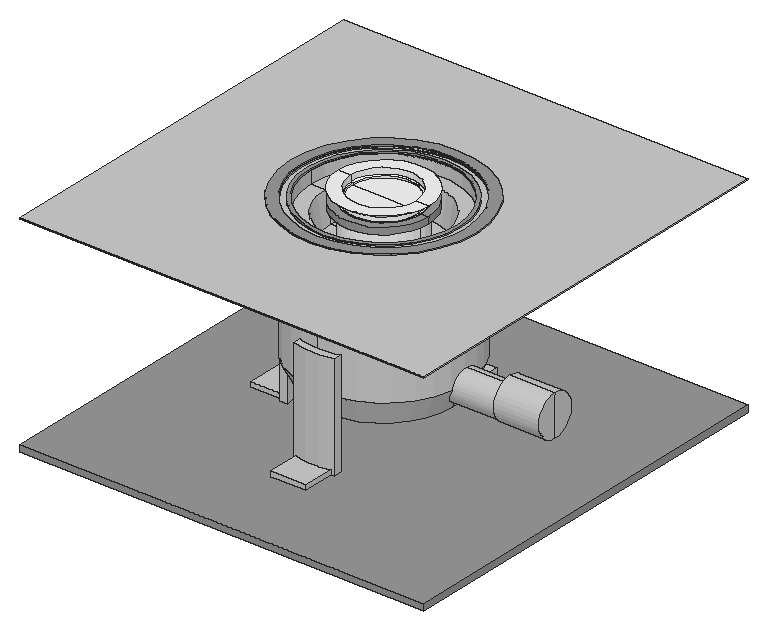
Revit family "HL_Душевой трап_HL570.0", category Instalační zařizovací předměty, Revit 2016
Family settings
  Typ součásti = Normální
  Kóta kulaté spojky = Použít průměr
  Číslo OmniClass = 23.70.50.21.24.14
  Nadpis OmniClass = Deck Waste Water Drains
  Založené na pracovní rovině = Ne
  Vždy vertikální = Ano
  Ořezat dutým tvarem při načtení = Ne
  Sdílené = Ne
  Bod výpočtu místnosti = Ano
Parameters (values of type "HL_Душевой трап_HL570.0")
  РЕШЁТКА = "Edelstahl"
  РАЗМЕР = "DN40/50"
  ПРОПУСКНАЯ СПОСОБНОСТЬ [instance] = 0.0 L/s
  ПРОИЗВОДИТЕЛЬНОСТЬ = "0,50 l/s"
  ПРАВОВАЯ ИНФОРМАЦИЯ = "Авторские права(©), права на дизайн или какие либо другие права интелектуальной собственности являются исключительной собственностью компании HL Hutterer & Lechner. Изменению не подлежит. Файл семейства с данными о прозводителе изделия защищен паролем с водяным знаком."
  НОРМЫ = "EN274"
  НОМИНАЛЬНЫЙ ДИАМЕТР [instance] = 50 mm
  МАТЕРИАЛ = "PP/TPE/Edelstahl"
  МАКСИМАЛЬНАЯ НАГРУЗКА КЛАССА = "K3 - 300kg"
  ВЫСОТА МОНТАЖА = "(80) 100 - 200mm (250mm)"
  ВЕС = "0,39 [kg]"
  x [instance] = if(Высота монтажа 1 < Высота монтажа 1 минимум, -10 mm, if(Высота монтажа 1 > Высота монтажа 1 максимум, -10 mm, if(Высота монтажа 2 < Высота монтажа 2 минимум, -10 mm, if(Высота монтажа 2 > Высота монтажа 2 максимум, -10 mm, if(Высота монтажа 3 < Высота монтажа 3 минимум, -10 mm, if(Высота монтажа 3 > Высота монтажа 3 максимум, -10 mm, 20 mm))))))  # 20 mm
  Výrobce = "HL Hutterer & Lechner GmbH"
  URL = "http://www.hutterer-lechner.com/ru/products/catalog/roof-drains/HL570.0.aspx"
  Tile Material [instance] = none
  Připojení ventilace = no
  Připojení odpadu = yes
  Připojení HW = no
  Připojení CW = no
  Popis = "Душевой трап"
  ND40 [instance] = (НОМИНАЛЬНЫЙ ДИАМЕТР = 40 mm)  # no
  Model = "HL570.0"
  Assembly Code = " "
  Komentáře k typům = "HL570.0 FlexBox without cover plate"
  Keynote = "HL570.0"
  Высота монтажа 3 минимум [instance] = 0 mm  # constant formula
  Высота монтажа 3 максимум [instance] = 50 mm  # constant formula
  Высота монтажа 3 [instance] = 50 mm
  Высота монтажа 2 минимум [instance] = 100 mm  # constant formula
  Высота монтажа 2 максимум [instance] = 200 mm  # constant formula
  Высота монтажа 1 минимум [instance] = 10 mm  # constant formula
  Высота монтажа 1 максимум [instance] = 30 mm  # constant formula
  IH [instance] = if(НОМИНАЛЬНЫЙ ДИАМЕТР = 50 mm, Высота монтажа 1 + Высота монтажа 2 + 1 mm, if(НОМИНАЛЬНЫЙ ДИАМЕТР = 40 mm, Высота монтажа 1 + Высота монтажа 2 + 1 mm, -10 mm))  # 212.8 mm
  Высота монтажа 2 [instance] = 200 mm
  Высота монтажа 1 [instance] = 11.8 mm  # constant formula
  HL6200 [instance] = yes
  G [instance] = 90.00°  # constant formula
  EAN = "9003076050017"
  D [instance] = if(НОМИНАЛЬНЫЙ ДИАМЕТР = 50 mm, 211.7 mm, if(НОМИНАЛЬНЫЙ ДИАМЕТР = 40 mm, 157.7 mm, -10 mm))  # 211.7 mm
  C [instance] = if(НОМИНАЛЬНЫЙ ДИАМЕТР = 50 mm, 177.8 mm, if(НОМИНАЛЬНЫЙ ДИАМЕТР = 40 mm, 182.8 mm, -10 mm)) - 200 mm + Высота монтажа 2  # 177.8 mm
  B [instance] = 12 mm  # constant formula
  A [instance] = 12 mm  # constant formula
Reference planes
  plane 1 "Center (Front/Back)": y = 0
  plane 2: z = 0
  plane 3 "Center (Left/Right)": x = 0
  plane 4: z = -12
  plane 5: z = -212.8
  plane 6: z = -11.8
  plane 7: z = -31.8
  plane 8: z = -262.8
Lines and regions (mm)
  model lines, style "InvisibleLines"
    curve 1: line (0, 0, 0) -> (0, 0, 20)
  model lines, style "PlumbingFixtures", detail levels coarse+medium
    curve 2: line (0, 0, -177.8) -> (0, 0, -50)
    curve 3: line (0, 0, -50) -> (-50, 0, 0)
    curve 4: line (0, 0, -50) -> (50, 0, 0)
    curve 6: line (0, 0, -177.8) -> (211.7, 0, -177.8)
  reference lines, not visible
    curve 5: line (0, 0, -177.8) -> (211.7, 0, -177.8)
  symbolic lines, style "PlumbingFixtures", detail levels coarse+medium
    curve 7: line (-75, 75, 0) -> (75, 75, 0)
    curve 8: line (-75, -75, 0) -> (-75, 75, 0)
    curve 9: line (75, -75, 0) -> (-75, -75, 0)
    curve 10: line (75, 75, 0) -> (75, -75, 0)
    curve 11: line (-75, 75, 0) -> (-145.711, 145.711, 0)
    curve 12: line (75, 75, 0) -> (145.711, 145.711, 0)
    curve 13: line (-75, -75, 0) -> (-145.711, -145.711, 0)
    curve 14: line (75, -75, 0) -> (145.711, -145.711, 0)
  symbolic lines, style "PlumbingFixtures", not visible, detail levels coarse+medium
    curve 15: line (-75, 75, 0) -> (75, 75, 0)
    curve 16: line (-75, -75, 0) -> (-75, 75, 0)
    curve 17: line (75, -75, 0) -> (-75, -75, 0)
    curve 18: line (75, 75, 0) -> (75, -75, 0)
    curve 19: line (-75, 75, 0) -> (-145.711, 145.711, 0)
    curve 20: line (75, 75, 0) -> (145.711, 145.711, 0)
    curve 21: line (-75, -75, 0) -> (-145.711, -145.711, 0)
    curve 22: line (75, -75, 0) -> (145.711, -145.711, 0)
Text (mm)
  text "FLOOR" at (-162.344, 0, -10.979), in view "вид строительства"
Dimensions and locks
  "B": plane 2 to plane 4
  "IH": plane 2 to plane 5
  plane 4 to curve 4 = 38 mm
  "D": curve 5 to curve 5
  "D": curve 6 to curve 6
  "Высота монтажа 1": plane 2 to plane 6
  "x": plane 6 to plane 7
  "C": plane 2 to curve 5
  "Высота монтажа 3": plane 5 to plane 8
  locked: curve 4 to plane 3 "Center (Left/Right)" (angle 45.00°)
  locked: plane 3 "Center (Left/Right)" to curve 3 (angle 45.00°)
  "G": angle curve 5 to plane 3 "Center (Left/Right)"
  aligned and locked: level to plane 2
  aligned and locked: plane 2 to curve 4
  aligned and locked: plane 2 to curve 3
  aligned and locked: plane 3 "Center (Left/Right)" to curve 5
  aligned and locked: curve 6 to plane 3 "Center (Left/Right)"
  aligned and locked: curve 6 to curve 5
  aligned and locked: curve 2 to curve 6
  aligned and locked: nested 2 to plane 6
  aligned and locked: nested 2 to plane 3 "Center (Left/Right)"
  aligned and locked: nested 1 to plane 8
Automatic sketch dimensions
  plane 3 "Center (Left/Right)" to curve 2 = 0 mm
  curve 1 to plane 3 "Center (Left/Right)" = 0 mm
  curve 1 to level = 0 mm
  level to curve 1 = 20 mm
Nested families
  nested 1: "HL_Комплектующие_HL6200" at (0, 0, -262.8), visible <- "HL6200", type "HL6200"
  nested 2: "HL-Душевой трап-HL570.0" at (0, 0, 19.736), IH2 <- "Высота монтажа 2", IH3 <- "Высота монтажа 3", DN 40 <- "ND40", type "HL-Душевой трап-HL570.0"
    with IH3 50 mm, IH2 200 mm, IH1 30 mm, DN 50 yes, DN 40 no, A 60 mm
Connectors
  piping at (211.7, 0, -177.8), diameter 50, driven by "ПРОПУСКНАЯ СПОСОБНОСТЬ", driven by "НОМИНАЛЬНЫЙ ДИАМЕТР"
    settings: on curve 5, index 1, connector inside diameter 609.6 mm, connector length 0 mm, flow factor 0, pipe flow 0.0 L/s, pressure drop 0.0 Pa, fitting loss kfactor 0, connector angle 0.00°, fixture units 0, engagement length 0 mm, angle of deflection 0.00°, flow configuration 1, flow direction 2, fitting loss method 0, system type 16, joint type 0, gender type 0, connector reference index -1, connector utility 0, adjustable connector yes, is connector primary yes, connector description ""
Definition of nested family "HL_Комплектующие_HL6200"
  Parameters (values of type "HL6200")
    РАЗМЕР = "500x500x8mm"
    ПРАВОВАЯ ИНФОРМАЦИЯ = "Авторские права(©), права на дизайн или какие либо другие права интелектуальной собственности являются исключительной собственностью компании HL Hutterer & Lechner. Изменению не подлежит. Файл семейства с данными о прозводителе изделия защищен паролем с водяным знаком."  # constant formula
    МАТЕРИАЛ = "Gummigranulat"
    ВЫСОТА МОНТАЖА = "8 mm"
    ВЕС = "0,82 [kg]"
    Waste Connection = no
    Vent Connection = no
    Manufacturer = "HL Hutterer & Lechner GmbH"  # constant formula
    URL = "http://www.hutterer-lechner.com/ru/products/catalog/floor-drains/attachments/HL6200.aspx"
    HW Connection = no
    Description = "Трапы для внутренних помещений - Комплектующие"
    Model = "HL6200"
    Type Comments = "HL6200 Звукоизоляционная прокладка 500х500х8 мм"
    Keynote = "HL6200"
    EAN = "9003076033805"
    CW Connection = no
  Reference planes
    plane 1 "Center (Front/Back)": y = 0
    plane 2: z = 0
    plane 3 "Center (Left/Right)": x = 0
    plane 4 "Ball Joint Vertical": x = 25.45
  Forms (mm)
    Extrusion 1, solid, detail levels fine
      sketch origin (0, 0, 0) x (1, 0, 0) y (0, 1, 0)
        loop
          line (250, 250) -> (-250, 250) -> (-250, -250) -> (250, -250) -> (250, 250)
      from 0 to -8
  Text (mm)
    text "ROOF/FLOOR" at (-198.233, 0, -26.556), in view "Drain Construction View"
  Dimensions and locks
    locked: plane 4 "Ball Joint Vertical" to plane 3 "Center (Left/Right)" at 25.45
    aligned and locked: level to plane 2
Definition of nested family "HL-Душевой трап-HL570.0"
  Parameters (values of type "HL-Душевой трап-HL570.0")
    РЕШЁТКА = "Edelstahl"
    РАЗМЕР = "DN40/50"
    ПРОИЗВОДИТЕЛЬНОСТЬ = "0,50 l/s"
    ПРАВОВАЯ ИНФОРМАЦИЯ = "Авторские права(©), права на дизайн или какие либо другие права интелектуальной собственности являются исключительной собственностью компании HL Hutterer & Lechner. Изменению не подлежит. Файл семейства с данными о прозводителе изделия защищен паролем с водяным знаком."
    НОРМЫ = "EN274"
    МАТЕРИАЛ = "PP/TPE/Edelstahl"
    МАКСИМАЛЬНАЯ НАГРУЗКА КЛАССА = "K3 - 300kg"
    ВЫСОТА МОНТАЖА = "(80) 100 - 200mm (250mm)"
    ВЕС = "0,39 [kg]"
    Manufacturer = "HL Hutterer & Lechner GmbH"
    URL = "http://www.hutterer-lechner.com/ru/products/catalog/roof-drains/HL570.0.aspx"
    Description = "Душевой трап"
    Model = "HL570.0"
    Материал = none
    Type Comments = "HL570.0 FlexBox without cover plate"
    Keynote = "HL570.0"
    IH3 min = 0 mm  # constant formula
    IH3 max = 50 mm  # constant formula
    IH3 [instance] = 50 mm
    IH2 min = 100 mm  # constant formula
    IH2 max = 200 mm  # constant formula
    IH2 [instance] = 200 mm
    IH1 min = 10 mm  # constant formula
    IH1 max = 30 mm  # constant formula
    IH1 [instance] = 30 mm
    EAN = "9003076050017"
    DN 50 [instance] = not(DN 40)  # yes
    DN 40 [instance] = no
    Cost = 0
    A [instance] = IH3 + 10 mm  # 60 mm
  Reference planes
    plane 1 "Střed (vpředu/vzadu)": y = 0
    plane 2: z = 0
    plane 3 "Střed (vlevo/vpravo)": x = 0
    plane 4: z = -30
    plane 5: z = -32.536
    plane 6: z = -152.536
    plane 7: z = -282.536
    plane 8: z = -232.536
    plane 9: z = -222.536
    plane 10: z = -200.726
  Forms (mm)
    Extrusion 1, solid, detail levels fine
      sketch origin (0, -200, -32.536) x (0, 1, 0) y (-1, 0, 0)
        loop
          line (-50, 250) -> (-50, -250) -> (450, -250) -> (450, 250) -> (-50, 250)
        loop
          circle (200, 0) r 101.896
      from 0 to 1
    Extrusion 2, solid, detail levels fine
      sketch origin (0, -200, -32.536) x (0, 1, 0) y (-1, 0, 0)
        loop
          circle (200, 0) r 94.116
      from 1 to 2.5
    Extrusion 3, solid, material <- "Материал", detail levels fine
      sketch origin (0, 88, -152.536) x (0, 1, 0) y (-1, 0, 0)
        loop
          circle (-88, 0) r 101.896
      from -48.19 to 120
    Extrusion 4, solid, detail levels fine
      sketch origin (0, 88, -152.536) x (0, 1, 0) y (-1, 0, 0)
        loop
          circle (-88, 0) r 87.869
      from 0 to -2.5
    Extrusion 5, solid, material <- "Материал", detail levels fine
      sketch origin (0, 122.746, -232.536) x (0, 1, 0) y (-1, 0, 0)
        loop
          arc (-97.392, 108.047) -> (-122.746, 111.767) -> (-148.1, 108.047) r 88.278
          line (-148.1, 108.047) -> (-148.1, 98.691)
          arc (-148.1, 98.691) -> (-122.746, 101.896) -> (-97.392, 98.691) r 101.896
          line (-97.392, 98.691) -> (-97.392, 108.047)
      from -50 to 80
    Extrusion 6, solid, material <- "Материал", detail levels fine
      sketch origin (0, 133.67, -282.536) x (0, 1, 0) y (-1, 0, 0)
        loop
          line (-112.17, 147.121) -> (-155.178, 147.121) -> (-155.178, 99.6)
          arc (-155.178, 99.6) -> (-133.674, 101.896) -> (-112.17, 99.6) r 101.85
          line (-112.17, 99.6) -> (-112.17, 147.121)
      from 0 to 6
    Extrusion 7, solid, material <- "Материал", detail levels fine
      sketch origin (122.746, 0, -232.536) x (1, 0, 0) y (0, 1, 0)
        loop
          arc (-97.392, 108.047) -> (-122.746, 112.149) -> (-148.1, 108.047) r 80.407
          line (-148.1, 108.047) -> (-148.1, 98.691)
          arc (-148.1, 98.691) -> (-122.746, 101.896) -> (-97.392, 98.691) r 101.896
          line (-97.392, 98.691) -> (-97.392, 108.047)
      from -50 to 80
    Extrusion 8, solid, material <- "Материал", detail levels fine
      sketch origin (0, 133.67, -282.536) x (0, 1, 0) y (-1, 0, 0)
        loop
          line (13.451, -21.5) -> (13.451, 21.508) -> (-34.07, 21.508)
          arc (-34.07, 21.508) -> (-31.774, 0.004) -> (-34.07, -21.5) r 101.852
          line (-34.07, -21.5) -> (13.451, -21.5)
      from 0 to 6
    Extrusion 9, solid, material <- "Материал", detail levels fine
      sketch origin (122.746, 0, -232.536) x (1, 0, 0) y (0, 1, 0)
        loop
          line (-97.392, -108.122) -> (-97.392, -98.691)
          arc (-97.392, -98.691) -> (-122.746, -101.896) -> (-148.1, -98.691) r 101.896
          line (-148.1, -98.691) -> (-148.1, -108.122)
          arc (-148.1, -108.122) -> (-122.746, -111.722) -> (-97.392, -108.122) r 91.071
      from -50 to 80
    Extrusion 10, solid, material <- "Материал", detail levels fine
      sketch origin (0, 133.67, -282.536) x (0, 1, 0) y (-1, 0, 0)
        loop
          line (-280.791, -21.502) -> (-233.271, -21.502)
          arc (-233.271, -21.502) -> (-235.566, 0.002) -> (-233.271, 21.506) r 101.875
          line (-233.271, 21.506) -> (-280.791, 21.506) -> (-280.791, -21.502)
      from 0 to 6
    Blend 11, solid, material <- "Материал", detail levels fine
      base sketch origin (0, 0, 0) x (1, 0, 0) y (0, 1, 0)
        loop
          circle (0, 0) r 85
      top sketch origin (0, 0, 0) x (1, 0, 0) y (0, 1, 0)
        loop
          circle (0, 0) r 101.896
      from -232.536 to -200.726
    Revolve 12, solid, material <- "Материал", detail levels fine
      sketch origin (0, 0, 10) x (1, 0, 0) y (0, 0, 1)
        loop
          line (157.697, -212.511) -> (157.697, -192.511) -> (51, -192.511) -> (51, -212.511) -> (157.697, -212.511)
        axis (51, -212.511) -> (157.697, -212.511)
      angle from 0 to 360
    Revolve 13, solid, material <- "Материал", visible <- "DN 50", detail levels fine
      sketch origin (0, 0, 10) x (1, 0, 0) y (0, 0, 1)
        loop
          line (211.681, -207.511) -> (211.681, -182.511) -> (155.992, -182.511) -> (155.992, -207.511) -> (211.681, -207.511)
        axis (155.992, -207.511) -> (211.681, -207.511)
      angle from 0 to 360
    Revolve 14, void
      sketch origin (0, 0, 0) x (1, 0, 0) y (0, 0, 1)
        loop
          line (66.051, -82.59) -> (72.279, -47.266) -> (90.029, -47.266) -> (90.029, -27.266) -> (0, -27.266) -> (0, -82.59) -> (66.051, -82.59)
        axis (0, -27.266) -> (0, -82.59)
      angle from 0 to 360
    Revolve 15, solid, detail levels fine
      sketch origin (0, 0, 0) x (1, 0, 0) y (0, 0, 1)
        loop
          line (40.368, -19.773) -> (40.368, -26.854) -> (38.764, -28.457) -> (38.764, -30.036) -> (0, -30.036) -> (0, -82.59) -> (45.577, -82.59) -> (45.577, -41.145) -> (45.577, -32.536) -> (43.557, -32.536) -> (43.557, -24.643) -> (48.557, -24.643) -> (56.056, -19.773) -> (40.368, -19.773)
        axis (0, -19.773) -> (0, -82.59)
      angle from 0 to 360
    Revolve 16, solid, detail levels fine
      sketch origin (0, 0, 0) x (1, 0, 0) y (0, 0, 1)
        loop
          line (55.442, -40.419) -> (55.442, -32.536) -> (45.577, -32.536) -> (45.577, -40.419) -> (55.442, -40.419)
        axis (0, -32.536) -> (0, -40.419)
      angle from 0 to 360
    Extrusion 17, solid, detail levels fine
      sketch origin (0, 0, 0) x (1, 0, 0) y (0, 1, 0)
        loop
          circle (0, 0) r 115
        loop
          circle (0, 0) r 101.896
      from -30 to -29
  Cuts and joins
    joined: Extrusion 7, Extrusion 8
    joined: Extrusion 9, Extrusion 10
    joined: Extrusion 5, Extrusion 6
    Revolve 14 cuts Extrusion 2
    Revolve 14 cuts Extrusion 3
  Dimensions and locks
    "IH1": plane 2 to plane 4
    locked: plane 4 to plane 5 at 2.536
    "IH2": plane 5 to plane 8
    "A": plane 9 to plane 7
    locked: plane 9 to plane 8 at 10
    locked: plane 6 to plane 8 at 80
    locked: plane 10 to plane 8 at 31.81
    locked: Revolve 12 sketch curve to Revolve 12 sketch curve at 20
    locked: Revolve 13 sketch curve to Revolve 13 sketch curve at 25
    aligned and locked: level to plane 2
    aligned and locked: plane 5 to Extrusion 3
    aligned and locked: plane 6 to Extrusion 5
    aligned and locked: Extrusion 5 to plane 7
    aligned and locked: Extrusion 9 to plane 7
    aligned and locked: Extrusion 7 to plane 7
    aligned and locked: plane 6 to Extrusion 9
    aligned and locked: plane 6 to Extrusion 7
    aligned and locked: plane 10 to Extrusion 3
    aligned and locked: Blend 11 to plane 8
    aligned and locked: Blend 11 to Extrusion 3
    aligned and locked: Extrusion 17 to plane 4
  Automatic sketch dimensions
    plane 1 "Střed (vpředu/vzadu)" to Extrusion 2 sketch curve = 0 mm
    Extrusion 2 sketch curve to plane 3 "Střed (vlevo/vpravo)" = 0 mm
    plane 1 "Střed (vpředu/vzadu)" to Extrusion 3 sketch curve = 0 mm
    Extrusion 3 sketch curve to plane 3 "Střed (vlevo/vpravo)" = 0 mm
    plane 1 "Střed (vpředu/vzadu)" to Extrusion 4 sketch curve = 0 mm
    Extrusion 4 sketch curve to plane 3 "Střed (vlevo/vpravo)" = 0 mm
    plane 1 "Střed (vpředu/vzadu)" to Blend 11 sketch curve = 0 mm  (x2)
    Blend 11 sketch curve to plane 3 "Střed (vlevo/vpravo)" = 0 mm  (x2)
    plane 10 to Revolve 12 sketch curve = 1.785 mm  (x2)
    plane 3 "Střed (vlevo/vpravo)" to Revolve 12 sketch curve = 51 mm
    Revolve 12 sketch curve to Revolve 12 sketch curve = 106.697 mm
    Revolve 12 sketch curve to Revolve 12 sketch curve = 26.697 mm
    Revolve 12 sketch curve to Revolve 12 sketch curve = 18.303 mm
    Revolve 13 sketch curve to plane 10 = 3.215 mm  (x2)
    plane 3 "Střed (vlevo/vpravo)" to Revolve 13 sketch curve = 155.992 mm
    Revolve 13 sketch curve to Revolve 13 sketch curve = 55.689 mm
    Revolve 13 sketch curve to Revolve 13 sketch curve = 24.681 mm
    Revolve 13 sketch curve to Revolve 13 sketch curve = 80.319 mm
    plane 1 "Střed (vpředu/vzadu)" to Extrusion 5 sketch curve = 0 mm  (x2)
    Extrusion 5 sketch curve to plane 3 "Střed (vlevo/vpravo)" = 0 mm
    plane 1 "Střed (vpředu/vzadu)" to Extrusion 5 sketch curve = 25.354 mm
    Extrusion 5 sketch curve to plane 3 "Střed (vlevo/vpravo)" = 23.489 mm
    Extrusion 5 sketch curve to Extrusion 5 sketch curve = 84.559 mm
    Extrusion 5 sketch curve to Extrusion 5 sketch curve = 9.356 mm  (x2)
    plane 1 "Střed (vpředu/vzadu)" to Extrusion 6 sketch curve = 21.508 mm
    plane 1 "Střed (vpředu/vzadu)" to Extrusion 6 sketch curve = 0.004 mm
    Extrusion 6 sketch curve to plane 1 "Střed (vpředu/vzadu)" = 21.5 mm
    Extrusion 6 sketch curve to plane 3 "Střed (vlevo/vpravo)" = 0.047 mm
    Extrusion 6 sketch curve to plane 3 "Střed (vlevo/vpravo)" = 147.121 mm
    Extrusion 6 sketch curve to Extrusion 6 sketch curve = 47.52 mm
    Extrusion 7 sketch curve to plane 3 "Střed (vlevo/vpravo)" = 0 mm  (x2)
    plane 1 "Střed (vpředu/vzadu)" to Extrusion 7 sketch curve = 0 mm
    Extrusion 7 sketch curve to plane 3 "Střed (vlevo/vpravo)" = 25.354 mm
    Extrusion 7 sketch curve to Extrusion 7 sketch curve = 31.742 mm
    Extrusion 7 sketch curve to Extrusion 7 sketch curve = 76.305 mm
    Extrusion 7 sketch curve to Extrusion 7 sketch curve = 9.356 mm  (x2)
    Extrusion 8 sketch curve to plane 3 "Střed (vlevo/vpravo)" = 0.004 mm
    Extrusion 8 sketch curve to plane 1 "Střed (vpředu/vzadu)" = 0.044 mm
    Extrusion 8 sketch curve to plane 3 "Střed (vlevo/vpravo)" = 21.508 mm
    Extrusion 8 sketch curve to plane 1 "Střed (vpředu/vzadu)" = 147.121 mm
    Extrusion 8 sketch curve to Extrusion 8 sketch curve = 47.52 mm
    plane 3 "Střed (vlevo/vpravo)" to Extrusion 8 sketch curve = 21.5 mm
    plane 1 "Střed (vpředu/vzadu)" to Extrusion 9 sketch curve = 0 mm
    Extrusion 9 sketch curve to plane 3 "Střed (vlevo/vpravo)" = 0 mm  (x2)
    Extrusion 9 sketch curve to plane 3 "Střed (vlevo/vpravo)" = 25.354 mm
    plane 3 "Střed (vlevo/vpravo)" to Extrusion 9 sketch curve = 25.354 mm
    plane 1 "Střed (vpředu/vzadu)" to Extrusion 9 sketch curve = 20.651 mm
    Extrusion 9 sketch curve to Extrusion 9 sketch curve = 87.47 mm
    Extrusion 9 sketch curve to Extrusion 9 sketch curve = 9.43 mm
    plane 1 "Střed (vpředu/vzadu)" to Extrusion 10 sketch curve = 147.121 mm
    Extrusion 10 sketch curve to plane 3 "Střed (vlevo/vpravo)" = 0.002 mm
    plane 1 "Střed (vpředu/vzadu)" to Extrusion 10 sketch curve = 0.021 mm
    plane 3 "Střed (vlevo/vpravo)" to Extrusion 10 sketch curve = 21.502 mm
    Extrusion 10 sketch curve to Extrusion 10 sketch curve = 47.52 mm
    Extrusion 10 sketch curve to Extrusion 10 sketch curve = 0 mm
    plane 1 "Střed (vpředu/vzadu)" to Extrusion 1 sketch curve = 0 mm
    Extrusion 1 sketch curve to plane 3 "Střed (vlevo/vpravo)" = 0 mm
    plane 1 "Střed (vpředu/vzadu)" to Extrusion 1 sketch curve = 250 mm
    Extrusion 1 sketch curve to plane 1 "Střed (vpředu/vzadu)" = 250 mm
    plane 3 "Střed (vlevo/vpravo)" to Extrusion 1 sketch curve = 250 mm
    Extrusion 1 sketch curve to plane 3 "Střed (vlevo/vpravo)" = 250 mm
    Revolve 14 sketch curve to plane 3 "Střed (vlevo/vpravo)" = 0 mm
    Revolve 14 sketch curve to plane 5 = 14.73 mm
    plane 3 "Střed (vlevo/vpravo)" to Revolve 14 sketch curve = 72.279 mm
    Revolve 14 sketch curve to Revolve 14 sketch curve = 17.749 mm
    plane 4 to Revolve 14 sketch curve = 2.734 mm
    Revolve 14 sketch curve to Revolve 14 sketch curve = 6.229 mm
    Revolve 14 sketch curve to Revolve 14 sketch curve = 35.324 mm
    Revolve 16 sketch curve to plane 5 = 0 mm
    plane 3 "Střed (vlevo/vpravo)" to Revolve 16 sketch curve = 45.577 mm
    Revolve 16 sketch curve to Revolve 16 sketch curve = 9.865 mm
    Revolve 16 sketch curve to Revolve 16 sketch curve = 7.884 mm
    Extrusion 17 sketch curve to Extrusion 17 sketch curve = 0 mm  (x2)
    plane 1 "Střed (vpředu/vzadu)" to Extrusion 17 sketch curve = 0 mm
    Extrusion 17 sketch curve to plane 3 "Střed (vlevo/vpravo)" = 0 mm
    Revolve 15 sketch curve to plane 3 "Střed (vlevo/vpravo)" = 0 mm
    Revolve 15 sketch curve to plane 5 = 0 mm
    Revolve 15 sketch curve to plane 4 = 0.036 mm
    plane 4 to Revolve 15 sketch curve = 1.543 mm
    plane 3 "Střed (vlevo/vpravo)" to Revolve 15 sketch curve = 38.764 mm
    Revolve 15 sketch curve to Revolve 15 sketch curve = 1.604 mm  (x2)
    Revolve 15 sketch curve to Revolve 15 sketch curve = 4.793 mm
    Revolve 15 sketch curve to Revolve 15 sketch curve = 2.02 mm
    plane 4 to Revolve 15 sketch curve = 5.357 mm
    Revolve 15 sketch curve to Revolve 15 sketch curve = 5 mm
    Revolve 15 sketch curve to Revolve 15 sketch curve = 7.499 mm
    Revolve 15 sketch curve to Revolve 15 sketch curve = 8.61 mm
    Revolve 15 sketch curve to Revolve 15 sketch curve = 41.445 mm
    Revolve 15 sketch curve to Revolve 15 sketch curve = 4.87 mm
    radius of Extrusion 2 sketch curve = 94.116 mm
    radius of Extrusion 3 sketch curve = 101.896 mm
    radius of Extrusion 4 sketch curve = 87.869 mm
    radius of Blend 11 sketch curve = 85 mm
    radius of Blend 11 sketch curve = 101.896 mm
    radius of Extrusion 1 sketch curve = 101.896 mm
    radius of Extrusion 17 sketch curve = 115 mm
    radius of Extrusion 17 sketch curve = 101.896 mm
